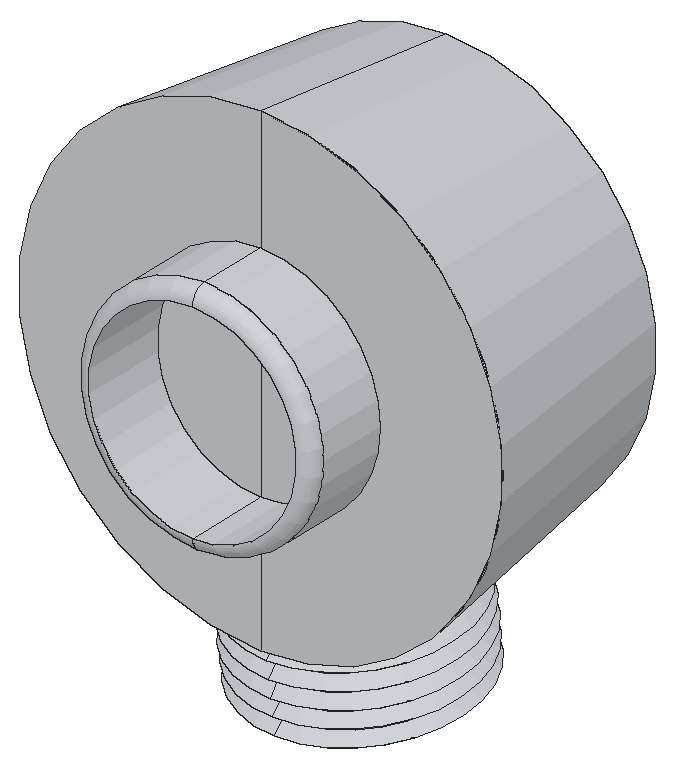
Revit family "VS-155", category Generic Models, host Wall, Revit 2023
Family settings
  Host = Wall
  Can host rebar = No
  Round Connector Dimension = Use Diameter
  Part Type = Normal
  Always vertical = Yes
  Cut with Voids When Loaded = No
  Maintain Annotation Orientation = No
  Shared = No
  Room Calculation Point = No
Parameters
  Default Elevation = 0' - 0"
Reference planes (in)
  plane 1: y = 0
  plane 2 "Center (Left/Right)": x = 0
  plane 3 "Wall Edge": y = 3
  plane 4: y = 4.01367
  plane 5: z = 1
  plane 6: z = -1.37514
Lines and regions (in)
  symbolic lines, not visible
    curve 1: line (0, 1.66397, 0.67324) -> (0, 1.33891, 0.67324)
    curve 2: line (0, 2.64813, 0.17178) -> (0, 2.62036, 0.21988)
    curve 3: line (0, 2.64813, 0.17178) -> (0, 2.5929, 0.16598)
    curve 6: line (0.06426, 3, -1.37335) -> (0.60608, 3, -1.99665)
    curve 7: line (0.60608, 3, -1.99665) -> (0.92618, 3, -1.99665)
    curve 8: line (0.06426, 3, -1.37335) -> (0.09285, 3, -1.38986)
    curve 9: line (0.06426, 3, -1.37335) -> (0.07663, 3, -1.40397)
    curve 11: line (0, 1.66397, 0.67324) -> (0, 2.64813, 0.17178)
  reference lines
    curve 4: line (0, 3, 1) -> (0.1096, 3, 1)
    curve 5: line (0, 3, -1.37335) -> (0.06426, 3, -1.37335)
    curve 10: line (0, 4.0179, -0.15502) -> (0, 4.0179, 0.09498)
Text (in)
  text "Placement Side" at (-70.3804, 28.46503, 0), in view "Ref. Level"
  text "1/2\" NPT\nFEMALE" at (0, 0.18809, 0.87619), in view "Left"
  text "    FITS\n1/2\" NPSM \n   MALE" at (2.3575, 0, -1.62176), in view "Front"
  text "1/2\" NPT\nFEMALE" at (0, 1.11309, 0.97004), in view "Right"
Dimensions and locks (in)
  locked: plane 3 "Wall Edge" to host wall
  nested 1 to plane 4 = 0' - 1.36554"
  plane 6 to plane 5 = 0' - 2.37514"
  curve 5 to curve 4 = 0' - 2.37335"
  nested 1 to curve 10 = 0' - 1.36978"
  curve 10 to nested 1 = 0' - 1.36978"
  diameter of nested 1 = 0' - 2"
Nested families (in)
  nested 1: "VS-155 NEW" at (0, 3, 0) x (0, 0, -1) z (0, 1, 0), type "VS-155 NEW"
Definition of nested family "VS-155 NEW"
  Parameters (values of type "VS-155 NEW")
    Material = none
    Default Elevation = 4' - 0"
  Reference planes (in)
    plane 1 "Center (Front/Back)": y = 0
    plane 2: z = 0
    plane 3 "Center (Left/Right)": x = 0
  Forms (in)
    Extrusion 1, solid
      sketch origin (0, 0, 0) x (1, 0, 0) y (0, 1, 0)
        loop
          line (-48, 48) -> (-48, -48) -> (48, -48) -> (48, 48) -> (-48, 48)
      from 0 to -12
    Revolve 2, solid, material <- "Material"
      sketch origin (125.88696, 0, -110.04254) x (0, 0, 1) y (-1, 0, 0)
        loop
          line (110.04254, 126.88696) -> (110.04254, 126.37915) -> (109.75317, 126.37915)
          arc (109.75317, 126.37915) -> (109.70898, 126.36084) -> (109.69067, 126.31665) r 0.0625
          line (109.69067, 126.31665) -> (110.04254, 126.31665) -> (110.04254, 125.88696) -> (111.06567, 125.88696)
          arc (111.06567, 125.88696) -> (111.04939, 126.32086) -> (111.00063, 126.75231) r 5.78887
          line (111.00063, 126.75231) -> (110.04254, 126.88696)
        axis (109.69067, 125.88696) -> (111.06567, 125.88696)
      angle from 0 to 360
    Revolve 3, solid, material <- "Material"
      sketch origin (125.93021, 0, -110.04367) x (0, 0, 1) y (-1, 0, 0)
        loop
          line (110.91159, 125.14611) -> (110.81272, 125.13221) -> (110.82924, 125.0146) -> (110.80315, 124.98238) -> (110.85113, 124.95579) -> (110.8124, 124.90796) -> (110.86038, 124.88136) -> (110.82165, 124.83354) -> (110.87181, 124.80573) -> (110.83446, 124.75961) -> (110.88317, 124.73261) -> (110.8449, 124.68536) -> (110.89239, 124.65903) -> (110.98266, 124.67172) -> (111.02106, 124.71011) -> (110.97124, 124.74499) -> (111.01062, 124.78437) -> (110.96201, 124.81841) -> (111.00256, 124.85896) -> (110.95214, 124.89426) -> (110.99093, 124.93305) -> (110.94052, 124.96835) -> (110.97931, 125.00714) -> (110.92587, 125.04456) -> (110.91159, 125.14611)
        axis (110.50726, 125.08928) -> (110.57402, 124.61428)
      angle from 0 to 360
  Lines and regions (in)
    reference lines
      curve 1: line (0, 0, 3.4952) -> (0, -0.25, 3.4952)
      curve 2: line (0, -0.13647, 1.12856) -> (0, -0.3015, 1.12856)
  Dimensions and locks (in)
    aligned and locked: plane 2 to Extrusion 1
    aligned and locked: level to Extrusion 1
